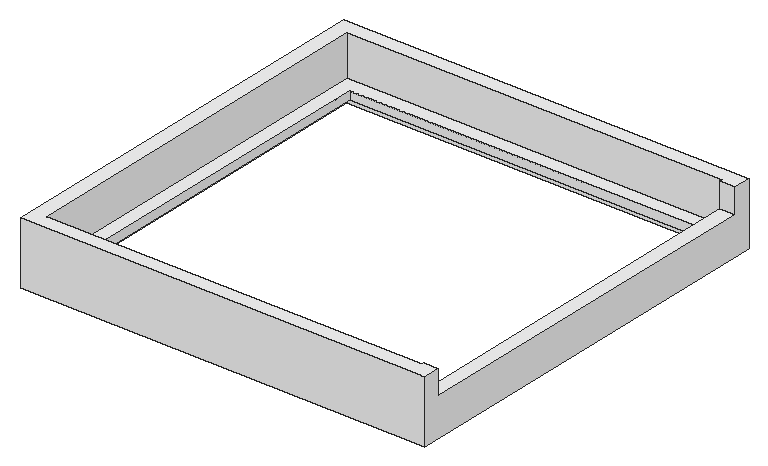
Revit family "Gira_028203", category Electrical Fixtures, host Face, Revit 2017
Family settings
  Host = Face
  Maintain Annotation Orientation = No
  Round Connector Dimension = Use Diameter
  Part Type = Normal
  Cut with Voids When Loaded = No
  Shared = No
  Room Calculation Point = No
Parameters (values of type "Adapter fr. square 50 x 50 mm System 55 p.white")
  URL = "http://katalog.gira.de/en/datenblatt.html?artikelnr=028203"
  Name = "Adapter fr. square 50 x 50 mm System 55 p.white"
  Manufacturer URL = "https://www.gira.de/"
  Manufacturer = "Gira"
  Keynote = ""
  HeinzeBIM = "https://bimportal.heinze.de/bim/adapter-fr-square-50-x-50-mm-system-55-p-white/ce9e4e64a5160d3b0767e3e9673997b264a2476a"
  HAN = "028203"
  GTIN = "4010337282037"
  Dimensions = "SQ50 / SQ50"
  Description = "Adap.fr.square 50x50mm Sys55 PW,Adapter frame with square cut-out for devices with cover (50 x 50 mm),,pure white glossy,Features:,- Devices with a square central plate (50 x 50 mm) from other manufacturers, e. g. Alcatel, AMP Econo Link System, Brand-Rex, BTR, Cellpack ITT Cannon Cat. 5, Deutsche Telekom, Drahtex, Hirose, Kannegieter BICC Brand Rex, Kerpen ELine 600, Krone, Molex, Nedap, Panduit, Quante, Reichle de Massari, Rutenbeck, Schumann Netzwerktechnik, HomeWay, Siemens ICCS 100, 300 and 600, Telegärtner, Telenorma, TKM (4 x RJ45 shielded, Cat. 5) can be integrated into the design line with the adapter frame and cover frame (1-gang to 5-gang)."
  Default Elevation = 1219.2 mm
  Data sheet (1) = "https://katalog.gira.de/en/download.html?artikelnr=028203"
  Category = "Transition adapter for domestic switching devices"
  BIM (1) = "https://media.stage.bim.site/public/gira/36a6b08/Sys55_Adapterrahmen_50x50.rfa"
  Available = "No"
Reference planes
  plane 1 "Center (Front/Back)": y = 0
  plane 2: z = 0
  plane 3 "Center (Left/Right)": x = 0
  plane 4: y = 27.7
  plane 5: y = -27.7
  plane 6: x = 27.7
  plane 7: x = -27.7
  plane 8: y = -25.4
  plane 9: y = 25.4
Forms (mm)
  Extrusion 1, solid, material "White", detail levels fine
    sketch origin (0, 0, 0) x (1, 0, 0) y (0, 1, 0)
      loop
        line (-27.7, 27.7) -> (-27.7, -27.7) -> (27.7, -27.7) -> (27.7, 27.7) -> (-27.7, 27.7)
      loop
        line (-25.7, 25.7) -> (-25.7, -25.7) -> (25.7, -25.7) -> (25.7, 25.7) -> (-25.7, 25.7)
    from 0 to 8.6
  Extrusion 2, solid, material "White", detail levels fine
    sketch origin (0, 0, 0) x (1, 0, 0) y (0, 1, 0)
      loop
        line (-25.7, 25.7) -> (-25.7, -25.7) -> (25.7, -25.7) -> (25.7, 25.7) -> (-25.7, 25.7)
      loop
        line (-23.7, 23.7) -> (-23.7, -23.7) -> (23.7, -23.7) -> (23.7, 23.7) -> (-23.7, 23.7)
    from 1.9 to 3.1
  Extrusion 3, void, detail levels fine
    sketch origin (0, 0, 0) x (1, 0, 0) y (0, 1, 0)
      loop
        line (27.7, 25.4) -> (25.7, 25.4) -> (25.7, -25.4) -> (27.7, -25.4) -> (27.7, 25.4)
    from 5.2 to 10
  Extrusion 4, solid, material "White", detail levels coarse+medium
    sketch origin (0, 0, 0) x (1, 0, 0) y (0, 1, 0)
      loop
        line (-27.7, 27.7) -> (-27.7, -27.7) -> (27.7, -27.7) -> (27.7, 27.7) -> (-27.7, 27.7)
    from 0 to 8.6
Cuts and joins
  Extrusion 3 cuts Extrusion 1
  Extrusion 3 cuts Extrusion 2
Dimensions and locks
  aligned and locked: plane 2 to host face
  aligned and locked: level to host face
